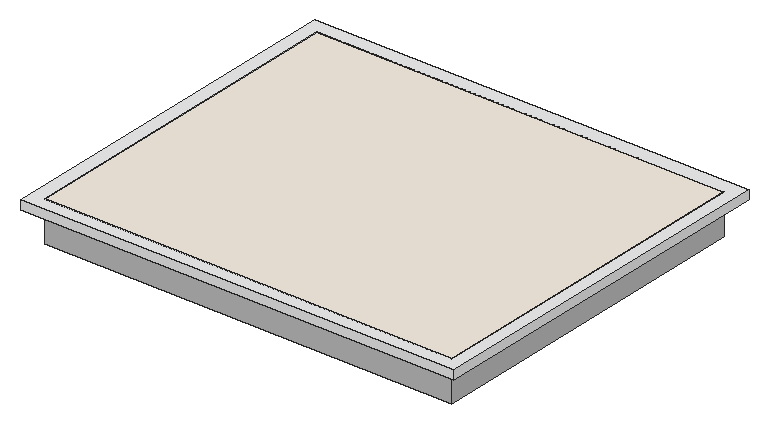
Revit family "Lighting-Industrial-GEWISS-ELIA-HL-LED_HIGHBAY", category Apparecchi per illuminazione, host Superficie, Revit 2019 (continued)
Types (12, lengths in mm): name | Weight (kg): | Weight (kg) | Voltage | Technical sheet | System power | Optic | built-in parameter 1150142 | Lumen output (lm) | Model | IDT | File diagramma fotometrico | Description
  GWF1001QH840 - ELIA HL L2 60° 4000K S.ALONE DALI | "4,3" | "4,3" | "220-240 V " | "https://www.gewiss.com/ww/en/search?q=GWF1100VC868" | "200W" | "60°" | "IESNA:LM-63-1995\r\n[TEST] HB25-120-4080-60D-H00111\r\n[DATE] 27 Nov 2019\r\n[MANUFAC] GEWISS\r\n[LUMCAT] GWF1001QH840\r\n[LUMINAIRE] ELIA HL - L2 60° LED840 200W - DALI\r\n[FLASHAREA] 0.013851\r\n[LAMPCAT] LED 200W/27850lm\r\n[LAMP] LED 200W/27850lm\r\nTILT=NONE\r\n1 27850.00 1.0 181 37 1 2 -0.270 0.000 0.000\r\n1.00 1.00 200.00\r\n0.00 0.50 1.00 1.50 2.00 2.50 3.00 3.50 4.00 4.50 5.00 \r\n5.50 6.00 6.50 7.00 7.50 8.00 8.50 9.00 9.50 10.00 10.50 \r\n11.00 11.50 12.00 12.50 13.00 13.50 14.00 14.50 15.00 \r\n15.50 16.00 16.50 17.00 17.50 18.00 18.50 19.00 19.50 \r\n20.00 20.50 21.00 21.50 22.00 22.50 23.00 23.50 24.00 \r\n24.50 25.00 25.50 26.00 26.50 27.00 27.50 28.00 28.50 \r\n29.00 29.50 30.00 30.50 31.00 31.50 32.00 32.50 33.00 \r\n33.50 34.00 34.50 35.00 35.50 36.00 36.50 37.00 37.50 \r\n38.00 38.50 39.00 39.50 40.00 40.50 41.00 41.50 42.00 \r\n42.50 43.00 43.50 44.00 44.50 45.00 45.50 46.00 46.50 \r\n47.00 47.50 48.00 48.50 49.00 49.50 50.00 50.50 51.00 \r\n51.50 52.00 52.50 53.00 53.50 54.00 54.50 55.00 55.50 \r\n56.00 56.50 57.00 57.50 58.00 58.50 59.00 59.50 60.00 \r\n60.50 61.00 61.50 62.00 62.50 63.00 63.50 64.00 64.50 \r\n65.00 65.50 66.00 66.50 67.00 67.50 68.00 68.50 69.00 \r\n69.50 70.00 70.50 71.00 71.50 72.00 72.50 73.00 73.50 \r\n74.00 74.50 75.00 75.50 76.00 76.50 77.00 77.50 78.00 \r\n78.50 79.00 79.50 80.00 80.50 81.00 81.50 82.00 82.50 \r\n83.00 83.50 84.00 84.50 85.00 85.50 86.00 86.50 87.00 \r\n87.50 88.00 88.50 89.00 89.50 90.00 \r\n0.00 2.50 5.00 7.50 10.00 12.50 15.00 17.50 20.00 22.50 \r\n25.00 27.50 30.00 32.50 35.00 37.50 40.00 42.50 45.00 \r\n47.50 50.00 52.50 55.00 57.50 60.00 62.50 65.00 67.50 \r\n70.00 72.50 75.00 77.50 80.00 82.50 85.00 87.50 90.00 \r\n20514.31 20514.31 20505.95 20492.03 20469.75 20441.90 \r\n20414.05 20383.42 20347.21 20308.22 20266.45 20221.89 \r\n20171.76 20118.84 20057.57 19993.51 19921.10 19845.91 \r\n19767.93 19684.38 19598.05 19508.92 19414.24 19319.55 \r\n19222.07 19121.81 19018.76 18910.15 18798.75 18681.78 \r\n18559.24 18431.13 18297.45 18163.77 18027.31 17888.06 \r\n17746.02 17601.20 17453.60 17308.78 17158.39 17002.42 \r\n16838.11 16665.44 16484.42 16295.04 16097.30 15888.43 \r\n15676.76 15462.32 15242.31 15011.15 14774.43 14534.92 \r\n14284.26 14008.55 13716.13 13406.99 13089.50 12772.01 \r\n12451.74 12128.68 11808.40 11493.69 11190.13 10897.71 \r\n10613.64 10337.92 10067.77 9803.20 9538.63 9276.84 \r\n9015.05 8753.26 8497.04 8246.39 8001.31 7756.23 7516.72 \r\n7282.78 7057.19 6837.18 6625.52 6419.43 6218.91 6012.82 \r\n5806.73 5606.21 5414.04 5227.44 5046.42 4873.75 4706.65 \r\n4545.12 4383.59 4222.06 4063.32 3912.93 3768.11 3620.50 \r\n3481.25 3350.36 3227.82 3110.85 2996.66 2890.83 2787.78 \r\n2683.90 2581.97 2488.12 2398.16 2309.04 2221.87 2135.26 \r\n2051.15 1971.78 1895.47 1821.11 1750.37 1686.32 1625.05 \r\n1561.83 1500.56 1445.69 1393.34 1341.81 1291.40 1241.27 \r\n1193.65 1152.43 1112.61 1068.88 1025.72 987.28 950.80 \r\n914.32 880.06 851.65 824.64 795.40 765.04 732.73 699.87 \r\n667.56 637.49 611.86 589.31 568.70 548.64 524.97 501.02 \r\n478.74 458.13 439.19 421.93 406.89 394.91 387.95 381.82 \r\n373.19 360.94 342.00 320.83 300.50 280.17 259.76 238.37 \r\n214.75 189.85 164.09 137.89 111.01 85.95 65.48 48.24 \r\n33.64 22.04 13.82 8.42 5.32 4.70 \r\n20514.31 20514.31 20505.95 20492.03 20471.14 20443.29 \r\n20414.05 20382.02 20348.60 20309.61 20266.45 20221.89 \r\n20171.76 20116.06 20056.18 19989.34 19918.32 19844.52 \r\n19765.15 19681.60 19598.05 19507.53 19415.63 19320.94 \r\n19226.25 19125.99 19020.16 18911.54 18800.14 18683.17 \r\n18560.63 18431.13 18298.84 18165.16 18028.70 17889.45 \r\n17747.41 17602.59 17456.38 17310.17 17159.78 17003.82 \r\n16840.90 16669.62 16488.59 16296.43 16097.30 15889.82 \r\n15676.76 15462.32 15242.31 15012.54 14777.21 14537.70 \r\n14285.66 14011.34 13718.91 13411.17 13095.07 12774.80 \r\n12455.91 12134.25 11818.15 11506.23 11202.66 10908.84 \r\n10626.17 10346.27 10074.74 9808.77 9544.19 9279.62 \r\n9017.83 8756.04 8497.04 8246.39 7999.91 7759.01 7520.89 \r\n7289.74 7064.15 6844.14 6631.09 6424.99 6223.08 6016.99 \r\n5812.30 5610.38 5414.04 5226.05 5043.64 4869.57 4699.69 \r\n4535.37 4375.23 4212.31 4053.57 3903.18 3756.97 3610.75 \r\n3471.50 3343.39 3220.85 3102.49 2991.09 2883.87 2781.10 \r\n2676.94 2575.85 2481.85 2391.76 2303.20 2216.30 2130.11 \r\n2046.14 1966.07 1888.93 1814.43 1743.69 1679.49 1617.81 \r\n1555.14 1494.71 1439.43 1387.07 1335.55 1285.42 1235.70 \r\n1188.36 1147.28 1107.46 1064.57 1022.37 984.36 948.15 \r\n911.53 877.14 847.89 820.32 791.50 761.84 730.64 698.90 \r\n667.29 637.35 611.17 587.50 566.61 546.14 523.02 499.77 \r\n478.18 457.71 438.64 421.51 406.61 394.50 387.12 380.85 \r\n372.63 361.08 342.00 320.55 300.64 280.31 260.11 238.80 \r\n215.14 190.23 164.59 138.65 112.31 87.64 67.02 49.38 \r\n34.39 22.46 14.09 8.61 5.42 4.71 \r\n20514.31 20514.31 20505.95 20492.03 20471.14 20444.69 \r\n20414.05 20383.42 20348.60 20309.61 20266.45 20219.10 \r\n20170.36 20113.27 20052.00 19986.55 19915.53 19840.34 \r\n19760.97 19681.60 19595.26 19507.53 19417.02 19323.72 \r\n19226.25 19127.38 19021.55 18912.94 18801.53 18683.17 \r\n18560.63 18432.52 18298.84 18165.16 18027.31 17888.06 \r\n17746.02 17603.99 17457.77 17311.56 17161.17 17006.60 \r\n16843.68 16671.01 16489.99 16297.82 16098.69 15889.82 \r\n15676.76 15460.93 15240.91 15013.94 14778.60 14539.09 \r\n14287.05 14012.73 13721.69 13413.95 13096.46 12777.58 \r\n12455.91 12138.42 11825.11 11515.98 11213.80 10921.38 \r\n10635.91 10354.63 10080.31 9811.56 9548.37 9282.41 \r\n9017.83 8756.04 8497.04 8244.99 7999.91 7757.62 7522.29 \r\n7292.52 7066.94 6849.71 6636.66 6430.57 6227.26 6019.78 \r\n5812.30 5610.38 5412.65 5223.27 5039.46 4862.61 4691.33 \r\n4527.02 4364.10 4201.17 4042.43 3892.04 3745.83 3601.01 \r\n3463.15 3333.65 3212.50 3094.14 2982.74 2875.51 2772.33 \r\n2669.00 2568.74 2474.61 2384.10 2295.81 2209.62 2123.84 \r\n2040.29 1959.53 1881.69 1807.05 1736.59 1671.97 1610.15 \r\n1547.90 1488.03 1432.88 1380.25 1329.00 1278.87 1229.58 \r\n1182.79 1141.43 1101.75 1059.55 1018.20 980.88 944.81 \r\n908.61 874.07 843.99 815.59 787.04 758.22 728.00 697.50 \r\n666.59 636.79 610.05 585.55 564.10 543.63 520.93 498.51 \r\n477.07 456.88 437.94 420.81 406.05 394.08 386.56 380.01 \r\n372.08 360.80 341.86 320.41 300.64 280.59 260.40 239.18 \r\n215.48 190.55 165.03 139.31 113.45 89.13 68.33 50.34 \r\n35.04 22.83 14.33 8.78 5.50 4.72 \r\n20514.31 20514.31 20505.95 20493.42 20472.54 20444.69 \r\n20415.44 20383.42 20347.21 20308.22 20265.05 20217.71 \r\n20167.58 20110.49 20047.82 19982.38 19912.75 19837.56 \r\n19759.58 19677.42 19595.26 19507.53 19417.02 19323.72 \r\n19227.64 19127.38 19024.34 18915.72 18801.53 18684.56 \r\n18560.63 18431.13 18298.84 18163.77 18027.31 17888.06 \r\n17747.41 17602.59 17457.77 17312.95 17162.56 17008.00 \r\n16845.07 16672.40 16489.99 16297.82 16097.30 15889.82 \r\n15676.76 15459.54 15239.52 15012.54 14778.60 14539.09 \r\n14288.44 14014.12 13721.69 13415.35 13097.86 12777.58 \r\n12457.31 12141.21 11830.68 11524.33 11222.16 10929.73 \r\n10644.27 10361.59 10084.49 9814.34 9548.37 9282.41 \r\n9017.83 8753.26 8494.25 8242.21 7998.52 7757.62 7523.68 \r\n7295.31 7071.12 6852.49 6640.83 6433.35 6228.65 6019.78 \r\n5812.30 5608.99 5409.86 5219.09 5033.89 4855.65 4682.98 \r\n4515.88 4351.56 4188.64 4028.50 3878.11 3733.29 3591.26 \r\n3453.40 3323.90 3201.36 3085.78 2972.99 2865.77 2762.58 \r\n2659.95 2560.39 2466.26 2375.61 2287.60 2201.82 2116.74 \r\n2033.33 1952.15 1873.75 1799.39 1729.07 1664.04 1601.93 \r\n1540.38 1481.06 1425.78 1373.14 1321.90 1272.19 1223.17 \r\n1176.66 1135.31 1095.62 1054.26 1013.88 976.84 941.19 \r\n905.13 870.59 839.96 810.71 782.31 754.04 724.94 695.55 \r\n665.34 635.95 608.80 583.60 561.60 540.85 518.57 496.70 \r\n475.82 455.90 437.11 420.12 405.64 393.80 386.14 379.32 \r\n371.38 360.38 341.44 320.00 300.36 280.62 260.62 239.48 \r\n215.74 190.80 165.39 139.86 114.41 90.42 69.43 51.12 \r\n35.56 23.14 14.54 8.93 5.58 4.73 \r\n20514.31 20514.31 20505.95 20492.03 20472.54 20446.08 \r\n20415.44 20383.42 20348.60 20308.22 20262.27 20216.31 \r\n20164.79 20107.70 20045.04 19979.59 19909.97 19834.77 \r\n19756.79 19676.03 19591.08 19506.14 19417.02 19325.12 \r\n19229.03 19130.17 19024.34 18915.72 18801.53 18684.56 \r\n18560.63 18431.13 18297.45 18162.38 18027.31 17888.06 \r\n17747.41 17602.59 17457.77 17312.95 17162.56 17008.00 \r\n16846.47 16673.80 16489.99 16297.82 16097.30 15888.43 \r\n15673.98 15459.54 15239.52 15012.54 14780.00 14539.09 \r\n14287.05 14014.12 13723.09 13415.35 13099.25 12777.58 \r\n12457.31 12143.99 11836.25 11531.29 11231.91 10939.48 \r\n10649.84 10365.77 10087.27 9817.13 9548.37 9282.41 \r\n9016.44 8750.47 8490.07 8239.42 7995.74 7756.23 7523.68 \r\n7295.31 7073.90 6855.28 6642.23 6434.74 6228.65 6019.78 \r\n5810.90 5606.21 5407.08 5214.91 5026.93 4847.29 4673.23 \r\n4504.74 4339.03 4176.11 4015.97 3865.58 3722.15 3580.12 \r\n3443.65 3314.15 3193.00 3074.64 2963.24 2856.02 2752.14 \r\n2650.21 2551.48 2457.21 2366.28 2278.69 2193.33 2108.80 \r\n2025.81 1944.07 1865.53 1791.45 1721.27 1655.82 1593.58 \r\n1532.59 1473.82 1418.82 1365.90 1314.80 1265.23 1216.63 \r\n1170.40 1129.04 1089.35 1048.69 1009.01 972.52 937.29 \r\n901.50 866.83 835.64 805.98 777.43 749.44 721.45 693.19 \r\n663.80 634.98 607.27 581.51 559.09 537.92 516.20 494.89 \r\n474.29 454.65 436.13 419.28 405.36 393.66 385.72 378.62 \r\n370.82 359.96 341.02 319.58 300.22 280.67 260.77 239.68 \r\n215.93 190.97 165.64 140.29 115.20 91.49 70.34 51.75 \r\n35.98 23.39 14.73 9.06 5.65 4.74 \r\n20514.31 20514.31 20505.95 20492.03 20472.54 20446.08 \r\n20416.84 20383.42 20347.21 20306.83 20262.27 20213.53 \r\n20162.01 20103.52 20040.86 19975.41 19905.79 19831.99 \r\n19755.40 19673.24 19591.08 19504.75 19417.02 19325.12 \r\n19230.42 19131.56 19025.73 18917.11 18802.93 18683.17 \r\n18559.24 18431.13 18297.45 18162.38 18024.52 17886.66 \r\n17746.02 17603.99 17457.77 17312.95 17162.56 17008.00 \r\n16847.86 16675.19 16489.99 16297.82 16095.91 15888.43 \r\n15673.98 15458.14 15238.13 15012.54 14780.00 14540.49 \r\n14287.05 14012.73 13721.69 13415.35 13097.86 12778.97 \r\n12458.70 12148.17 11840.43 11536.86 11238.87 10946.44 \r\n10656.80 10369.95 10088.66 9815.73 9546.98 9278.23 \r\n9012.26 8747.69 8485.90 8236.64 7992.95 7754.83 7522.29 \r\n7296.70 7073.90 6856.67 6643.62 6434.74 6227.26 6016.99 \r\n5809.51 5603.42 5402.90 5207.95 5019.96 4838.94 4664.88 \r\n4493.60 4327.89 4162.18 4004.83 3853.05 3711.01 3568.98 \r\n3432.51 3304.40 3183.26 3064.89 2952.10 2846.27 2741.28 \r\n2640.04 2542.01 2447.60 2356.39 2269.22 2184.41 2100.17 \r\n2017.59 1935.85 1856.90 1783.10 1713.47 1647.75 1585.22 \r\n1524.65 1466.58 1411.44 1358.52 1307.56 1258.26 1209.94 \r\n1164.13 1122.49 1082.81 1042.70 1003.99 967.93 932.98 \r\n897.61 863.21 831.32 801.11 772.42 744.71 717.56 690.40 \r\n661.99 633.73 605.74 579.42 556.58 535.28 513.83 493.08 \r\n472.89 453.54 435.02 418.45 404.80 393.66 385.30 377.79 \r\n369.99 359.27 340.33 319.02 299.81 280.59 260.83 239.80 \r\n216.03 191.06 165.82 140.61 115.83 92.35 71.05 52.20 \r\n36.29 23.60 14.88 9.18 5.71 4.74 \r\n20514.31 20514.31 20505.95 20492.03 20472.54 20447.47 \r\n20416.84 20383.42 20345.82 20305.44 20260.88 20212.14 \r\n20159.22 20100.74 20038.08 19972.63 19901.61 19829.20 \r\n19752.61 19671.85 19589.69 19504.75 19417.02 19326.51 \r\n19231.82 19131.56 19027.12 18918.51 18802.93 18684.56 \r\n18560.63 18431.13 18298.84 18162.38 18024.52 17886.66 \r\n17746.02 17603.99 17459.17 17314.35 17163.95 17009.39 \r\n16849.25 16675.19 16491.38 16297.82 16095.91 15887.03 \r\n15673.98 15456.75 15236.74 15013.94 14780.00 14540.49 \r\n14287.05 14011.34 13721.69 13415.35 13097.86 12778.97 \r\n12460.09 12149.56 11844.61 11543.83 11245.83 10952.01 \r\n10660.98 10372.73 10090.06 9814.34 9545.59 9276.84 \r\n9009.48 8744.90 8483.11 8232.46 7990.16 7753.44 7522.29 \r\n7295.31 7073.90 6856.67 6643.62 6433.35 6225.87 6014.21 \r\n5805.33 5599.24 5397.33 5200.99 5011.61 4830.58 4655.13 \r\n4482.46 4315.36 4151.04 3990.91 3840.52 3697.09 3556.45 \r\n3422.77 3294.66 3172.12 3055.15 2942.35 2833.74 2730.41 \r\n2629.74 2532.40 2437.71 2346.36 2259.47 2175.09 2091.40 \r\n2009.10 1927.36 1848.40 1775.02 1705.67 1639.81 1577.01 \r\n1516.99 1459.48 1404.34 1351.42 1300.46 1251.44 1203.54 \r\n1158.00 1116.23 1076.40 1036.86 998.84 963.33 928.80 \r\n893.71 859.45 827.14 796.37 767.41 739.97 713.52 687.34 \r\n659.91 632.33 604.21 577.47 554.08 532.49 511.33 491.00 \r\n471.08 452.14 433.90 417.47 404.52 393.66 385.03 377.23 \r\n369.29 358.43 339.49 318.19 299.39 280.34 260.77 239.77 \r\n216.02 191.06 165.89 140.81 116.30 93.03 71.59 52.51 \r\n36.50 23.75 15.01 9.28 5.77 4.73 \r\n20514.31 20514.31 20505.95 20492.03 20472.54 20447.47 \r\n20415.44 20383.42 20345.82 20304.04 20259.48 20209.35 \r\n20156.44 20096.56 20033.90 19968.45 19900.22 19826.42 \r\n19749.83 19670.45 19588.30 19503.35 19417.02 19327.90 \r\n19231.82 19132.95 19029.90 18918.51 18802.93 18684.56 \r\n18560.63 18431.13 18298.84 18160.99 18023.13 17885.27 \r\n17746.02 17605.38 17460.56 17314.35 17165.35 17010.78 \r\n16849.25 16676.58 16489.99 16296.43 16095.91 15887.03 \r\n15672.59 15456.75 15236.74 15013.94 14782.78 14540.49 \r\n14287.05 14011.34 13721.69 13415.35 13099.25 12780.36 \r\n12462.88 12153.74 11848.78 11549.40 11251.40 10956.19 \r\n10665.16 10375.52 10090.06 9814.34 9544.19 9274.05 \r\n9005.30 8740.72 8480.33 8229.68 7987.38 7750.66 7519.50 \r\n7293.91 7072.51 6855.28 6642.23 6430.57 6221.69 6010.03 \r\n5799.76 5592.28 5391.76 5194.03 5003.25 4822.23 4645.38 \r\n4472.71 4304.22 4138.51 3978.37 3829.38 3685.95 3546.70 \r\n3411.63 3284.91 3160.98 3045.40 2932.61 2823.99 2719.55 \r\n2619.43 2522.65 2427.68 2336.06 2249.58 2165.76 2082.62 \r\n2000.60 1919.00 1840.05 1767.08 1698.29 1632.15 1569.07 \r\n1509.47 1452.52 1397.37 1344.46 1293.77 1244.76 1197.27 \r\n1151.74 1109.82 1070.00 1031.15 993.83 958.74 924.48 \r\n889.95 855.83 823.11 791.91 762.81 735.10 709.48 684.14 \r\n657.82 630.66 602.53 575.38 551.71 529.85 508.96 489.05 \r\n469.41 450.75 432.65 416.50 404.10 393.66 384.89 376.53 \r\n368.32 357.32 338.66 317.49 298.83 280.20 260.58 239.61 \r\n215.89 191.00 165.87 140.88 116.62 93.52 71.95 52.68 \r\n36.62 23.87 15.10 9.36 5.81 4.73 \r\n20514.31 20514.31 20504.56 20492.03 20472.54 20446.08 \r\n20416.84 20382.02 20344.42 20302.65 20258.09 20207.96 \r\n20155.05 20093.78 20029.72 19965.67 19897.43 19823.63 \r\n19747.04 19669.06 19586.90 19503.35 19418.41 19327.90 \r\n19233.21 19134.34 19029.90 18918.51 18804.32 18684.56 \r\n18560.63 18432.52 18298.84 18162.38 18024.52 17885.27 \r\n17747.41 17605.38 17461.95 17315.74 17165.35 17012.17 \r\n16852.03 16677.97 16492.77 16299.21 16097.30 15888.43 \r\n15675.37 15459.54 15238.13 15015.33 14784.17 14543.27 \r\n14288.44 14012.73 13721.69 13415.35 13100.64 12783.15 \r\n12465.66 12157.92 11854.35 11553.57 11256.97 10961.76 \r\n10667.94 10376.91 10090.06 9814.34 9542.80 9271.26 \r\n9003.91 8736.55 8477.54 8226.89 7984.60 7747.87 7519.50 \r\n7292.52 7071.12 6852.49 6640.83 6427.78 6217.51 6004.46 \r\n5794.19 5588.10 5384.80 5187.06 4994.90 4812.48 4635.63 \r\n4462.96 4291.69 4127.37 3968.63 3816.84 3674.81 3536.95 \r\n3401.88 3275.16 3152.62 3035.65 2924.25 2814.24 2709.25 \r\n2609.55 2513.18 2418.08 2326.31 2239.98 2156.43 2073.71 \r\n1992.25 1910.79 1832.11 1759.56 1691.19 1624.91 1561.55 \r\n1502.51 1445.97 1390.83 1337.91 1287.23 1238.63 1191.28 \r\n1146.17 1103.97 1064.01 1025.72 988.95 954.14 920.30 \r\n886.19 852.35 819.35 787.74 758.22 730.64 705.58 680.93 \r\n655.45 629.27 601.00 573.43 549.62 527.48 506.73 487.10 \r\n467.74 449.36 431.54 415.52 403.69 393.80 384.75 375.84 \r\n367.34 356.20 337.40 316.52 298.27 279.75 260.27 239.27 \r\n215.63 190.80 165.74 140.85 116.78 93.84 72.13 52.72 \r\n36.66 23.94 15.18 9.43 5.85 4.73 \r\n20514.31 20512.92 20504.56 20492.03 20472.54 20446.08 \r\n20416.84 20382.02 20345.82 20302.65 20256.70 20206.57 \r\n20150.87 20092.38 20028.33 19964.27 19894.65 19822.24 \r\n19747.04 19667.67 19585.51 19503.35 19418.41 19327.90 \r\n19234.60 19135.74 19029.90 18919.90 18804.32 18684.56 \r\n18560.63 18432.52 18300.24 18163.77 18024.52 17886.66 \r\n17747.41 17608.16 17463.34 17318.52 17168.13 17014.96 \r\n16853.43 16679.37 16494.16 16300.60 16098.69 15889.82 \r
